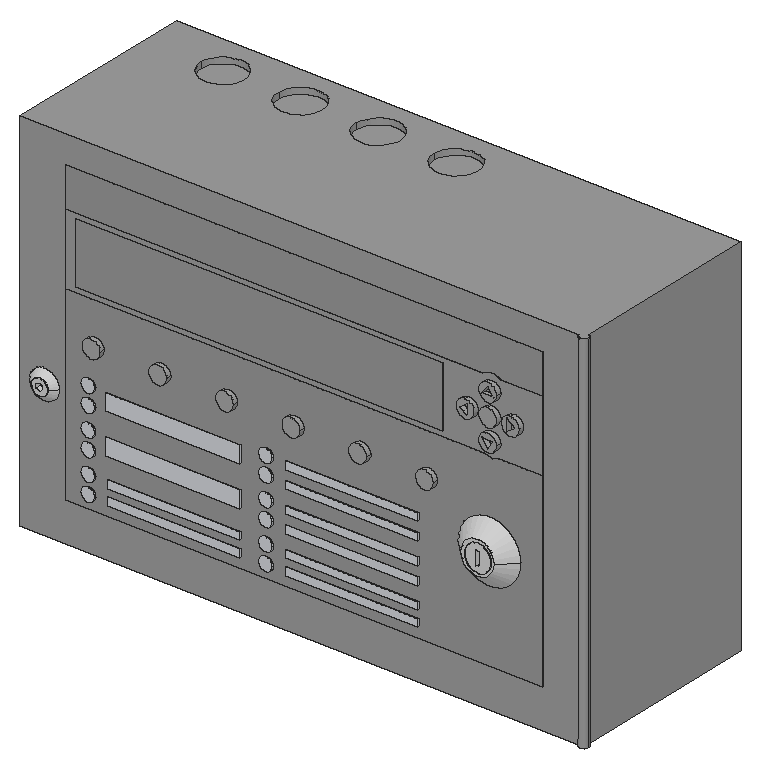
Revit family "DC IDR-6A_Active Repeater", category Specialty Equipment, Revit 2014
Parameters
  URL = "www.notifierfiresystems.co.uk"
  Type Comments = "IDR-6A Active Repeater"
  Tel No. = "+44 (0) 1444 230300"
  Model = "002-452"
  Manufacturer = "Notifier by Honeywell"
  Fax No. = "+44 (0) 1273 376894"
  Email = "sales@notifierfiresystems.co.uk"
  Description = "Repeater Panel"
  Assembly Code = "D4090900"
  Address line 1 = "Caburn House, 2B Brooks Road, Lewes BN7 2BY"
Reference planes
  plane 1 "Center (Front/Back)": y = 0
  plane 2: z = 0
  plane 3 "Center (Left/Right)": x = 0
Forms (mm)
  Extrusion 1, solid, material "Default"
    sketch origin (0, 0, 0) x (1, 0, 0) y (0, 0, 1)
      loop
        line (-227.87, 0) -> (26.13, 0) -> (26.13, 165) -> (-227.87, 165) -> (-227.87, 0)
    from 0 to 88
  Extrusion 2, solid, material "UHMW, White"
    sketch origin (1.25, 0, 2.5) x (1, 0, 0) y (0, 0, 1)
      loop
        line (-208.508, 14.994) -> (6.13, 14.994) -> (6.13, 100.244) -> (-13.369, 100.244)
        arc (-13.369, 100.244) -> (-16.785, 99.351) -> (-20.202, 100.244) r 6.982
        line (-20.202, 100.244) -> (-208.508, 100.244) -> (-208.508, 14.994)
      loop
        line (-208.508, 150.244) -> (-208.508, 132.383) -> (-20.874, 132.383)
        arc (-20.874, 132.383) -> (-16.785, 133.705) -> (-12.697, 132.383) r 6.982
        line (-12.697, 132.383) -> (6.13, 132.383) -> (6.13, 150.244) -> (-208.508, 150.244)
    from 84.156 to 88.074
  Extrusion 3, void
    sketch origin (-28.75, 7.5, 0) x (1, 0, 0) y (0, 1, 0)
      loop
        circle (-163.642, -25.63) r 10
      loop
        circle (-128.642, -25.63) r 10
      loop
        circle (-93.642, -25.63) r 10
      loop
        circle (-58.642, -25.63) r 10
    from 162.436 to 180.672
  Extrusion 4, solid, material "Default"
    sketch origin (-0.625, 0.625, 0) x (1, 0, 0) y (0, 1, 0)
      loop
        circle (26.13, -88) r 2.037
    from 0 to 165
  Extrusion 5, solid, material "Platinum"
    sketch origin (180.7, 0, -20.672) x (1, 0, 0) y (0, 0, 1)
      loop
        circle (-197.286, 84.618) r 6
      loop
        line (-198.171, 87.62) -> (-198.171, 81.275) -> (-196.445, 81.275) -> (-196.445, 87.62) -> (-198.171, 87.62)
    from 94.533 to 88
  Extrusion 6, solid, material "UHMW, Black"
    sketch origin (181.75, 0, 24.528) x (1, 0, 0) y (0, 0, 1)
      loop
        circle (-197.286, 84.305) r 3.982
      loop
        line (-200.114, 85.801) -> (-197.286, 82.048) -> (-194.458, 85.801) -> (-200.114, 85.801)
      loop
        circle (-197.286, 104.695) r 3.982
      loop
        line (-194.693, 103.512) -> (-197.286, 106.952) -> (-199.878, 103.512) -> (-194.693, 103.512)
      loop
        circle (-207.48, 94.5) r 3.982
      loop
        line (-206.298, 97.092) -> (-209.738, 94.5) -> (-206.298, 91.908) -> (-206.298, 97.092)
      loop
        circle (-187.091, 94.5) r 3.982
      loop
        line (-188.586, 91.672) -> (-184.834, 94.5) -> (-188.586, 97.328) -> (-188.586, 91.672)
      loop
        circle (-197.286, 94.5) r 3.982
      loop
        circle (-375.788, 59.443) r 3.982
      loop
        circle (-345.788, 59.443) r 3.982
      loop
        circle (-315.788, 59.443) r 3.982
      loop
        circle (-285.788, 59.443) r 3.982
      loop
        circle (-255.788, 59.443) r 3.982
      loop
        circle (-225.788, 59.443) r 3.982
    from 90.157 to 88
  Extrusion 7, solid, material "Default"
    sketch origin (1.25, 0, 2.5) x (1, 0, 0) y (0, 0, 1)
      loop
        line (-208.508, 100.244) -> (-20.202, 100.244)
        arc (-20.202, 100.244) -> (-16.785, 99.351) -> (-13.369, 100.244) r 6.982
        line (-13.369, 100.244) -> (6.13, 100.244) -> (6.13, 132.383) -> (-12.697, 132.383)
        arc (-12.697, 132.383) -> (-16.785, 133.705) -> (-20.874, 132.383) r 6.982
        line (-20.874, 132.383) -> (-208.508, 132.383) -> (-208.508, 100.244)
      loop
        line (-203.651, 130.04) -> (-203.651, 102.606) -> (-38.651, 102.606) -> (-38.651, 130.04) -> (-203.651, 130.04)
    from 84.156 to 88.074
  Sweep 8, solid, material "Platinum"
    path in 3D
      loop
        arc (-10.585, -94.533, 63.946) -> (-16.585, -94.533, 57.946) -> (-22.585, -94.533, 63.946) r 6
        arc (-22.585, -94.533, 63.946) -> (-16.585, -94.533, 69.946) -> (-10.585, -94.533, 63.946) r 6
    profile origin (-16.585, -94.533, 69.946) x (0, 0, 1) y (0, -1, 0)
      loop
        line (0, 0) -> (0, -6.66) -> (8.182, -6.66) -> (1.522, 0) -> (0, 0)
  Extrusion 9, solid, material "Polypropylene "
    sketch origin (1.25, 0, 2.5) x (1, 0, 0) y (0, 0, 1)
      loop
        line (-203.651, 130.04) -> (-203.651, 102.606) -> (-38.651, 102.606) -> (-38.651, 130.04) -> (-203.651, 130.04)
    from 84.156 to 88.156
  Extrusion 10, solid, material "Platinum"
    sketch origin (-19.5, 0, -23.765) x (1, 0, 0) y (0, 0, 1)
      loop
        circle (-197.286, 84.618) r 3.758
      loop
        line (-197.286, 82.645) -> (-195.577, 83.631) -> (-195.577, 85.604) -> (-197.286, 86.591) -> (-198.994, 85.604) -> (-198.994, 83.631) -> (-197.286, 82.645)
    from 90.836 to 88
  Sweep 11, solid, material "Platinum"
    path in 3D
      loop
        arc (-213.027, -90.836, 60.853) -> (-216.785, -90.836, 57.095) -> (-220.543, -90.836, 60.853) r 3.758
        arc (-220.543, -90.836, 60.853) -> (-216.785, -90.836, 64.611) -> (-213.027, -90.836, 60.853) r 3.758
    profile origin (-216.785, -90.836, 64.611) x (0, 0, 1) y (0, -1, 0)
      loop
        line (0, 0) -> (0, -2.836) -> (2.836, -2.836) -> (0, 0)
  Extrusion 12, solid
    sketch origin (0, 0, 0) x (1, 0, 0) y (0, 0, 1)
      loop
        circle (-196.875, 67.5) r 3
      loop
        circle (-196.875, 59.507) r 3
      loop
        circle (-196.875, 49.529) r 3
      loop
        circle (-196.875, 41.536) r 3
      loop
        circle (-196.875, 31.673) r 3
      loop
        circle (-196.875, 23.681) r 3
    from 0 to 88.5
  Extrusion 13, solid
    sketch origin (0, 0, 0) x (1, 0, 0) y (0, 0, 1)
      loop
        line (-188.875, 67.5) -> (-188.875, 60) -> (-128.445, 60) -> (-128.445, 67.5) -> (-188.875, 67.5)
      loop
        line (-188.765, 49.504) -> (-188.765, 42.004) -> (-128.335, 42.004) -> (-128.335, 49.504) -> (-188.765, 49.504)
      loop
        line (-187.705, 32.621) -> (-187.705, 29.165) -> (-128.447, 29.165) -> (-128.447, 32.621) -> (-187.705, 32.621)
      loop
        line (-187.705, 25.709) -> (-187.705, 22.253) -> (-128.447, 22.253) -> (-128.447, 25.709) -> (-187.705, 25.709)
    from 80 to 88.5
  Extrusion 14, solid
    sketch origin (80, 0, 0) x (1, 0, 0) y (0, 0, 1)
      loop
        circle (-196.875, 67.5) r 3
      loop
        circle (-196.875, 59.507) r 3
      loop
        circle (-196.875, 49.529) r 3
      loop
        circle (-196.875, 41.536) r 3
      loop
        circle (-196.875, 31.673) r 3
      loop
        circle (-196.875, 23.681) r 3
    from 80 to 88.5
  Extrusion 15, solid
    sketch origin (80, 0, 0) x (1, 0, 0) y (0, 0, 1)
      loop
        line (-187.705, 32.621) -> (-187.705, 29.165) -> (-128.447, 29.165) -> (-128.447, 32.621) -> (-187.705, 32.621)
      loop
        line (-187.705, 25.709) -> (-187.705, 22.253) -> (-128.447, 22.253) -> (-128.447, 25.709) -> (-187.705, 25.709)
      loop
        line (-187.705, 42.484) -> (-187.705, 39.028) -> (-128.447, 39.028) -> (-128.447, 42.484) -> (-187.705, 42.484)
      loop
        line (-187.705, 50.477) -> (-187.705, 47.021) -> (-128.447, 47.021) -> (-128.447, 50.477) -> (-187.705, 50.477)
      loop
        line (-187.705, 60.455) -> (-187.705, 56.999) -> (-128.447, 56.999) -> (-128.447, 60.455) -> (-187.705, 60.455)
      loop
        line (-187.705, 68.448) -> (-187.705, 64.992) -> (-128.447, 64.992) -> (-128.447, 68.448) -> (-187.705, 68.448)
    from 80 to 88.5
Cuts and joins
  Extrusion 3 cuts Extrusion 1
  joined: Extrusion 1, Extrusion 4
Lines and regions (mm)
  sketch lines
    curve 1: arc (-22.585, -94.533, 63.946) -> (-16.585, -94.533, 69.946) -> (-10.585, -94.533, 63.946) r 6
    curve 2: arc (-10.585, -94.533, 63.946) -> (-16.585, -94.533, 57.946) -> (-22.585, -94.533, 63.946) r 6
    curve 3: arc (-220.543, -90.836, 60.853) -> (-216.785, -90.836, 64.611) -> (-213.027, -90.836, 60.853) r 3.758
    curve 4: arc (-213.027, -90.836, 60.853) -> (-216.785, -90.836, 57.095) -> (-220.543, -90.836, 60.853) r 3.758
Dimensions and locks
  aligned and locked: level to plane 2
